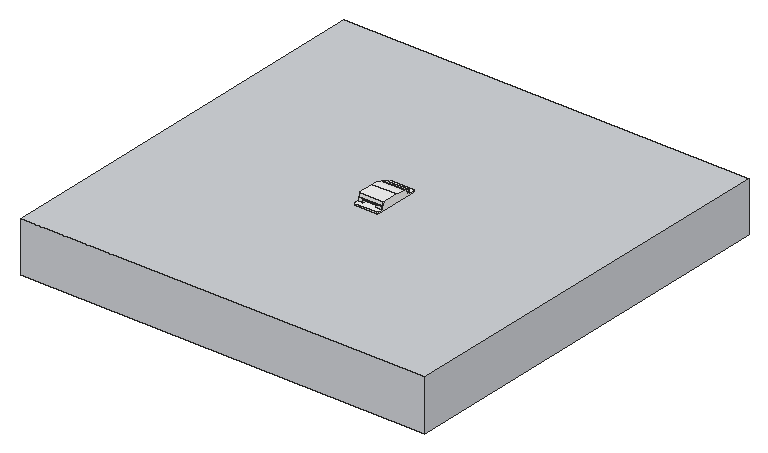
Revit family "Legrand_Lighting_Management_KNX_Actuator", category Dispositifs d'éclairage, Revit 2020
Family settings
  Hôte = Face
  Conserver l'orientation des annotations = Non
  Cote de connecteur circulaire = Utiliser le diamètre
  Type d'élément = Normal
  Couper avec des vides une fois chargée = Non
  Partagée = Non
  Point de calcul de pièce = Non
Parameters (values of type "DALI 4 outputs")
  Voltage type = ""
  Variation 10-10V 4 sorties = no
  URL = "http://www.legrandoc.com/048888"
  Temperature (MIN) (°C) = 0
  Temperature (MAX) (°C) = 0
  Suitable for wireless transmission = no
  Substation input = no
  Response value sensitivity adjustable = no
  Response value luminosity adjustable = no
  Response value luminosity (MIN) (lx) = 0
  Response value luminosity (MAX) (lx) = 0
  Remote operation = no
  RAL-number (akin) = 0
  Nominal voltage (V) = 0
  Mounting method = "Other"
  Modèle = "048888"
  Model = ""
  Min. switch-on time (s) = 0
  Maximum mounting height (m) = 0
  Max. transmission range sideways (m) = 0
  Max. transmission range frontally (m) = 0
  Max. switching power (W) = 0
  Max. starting current (A) = 0
  Max. duty cycle (mn) = 0
  Liaison neutre = no
  HVAC-control = no
  General Conditions of Use = "https://export.legrand.com/en/terms-of-use-BIM-objects"
  Frequency (MIN) (Hz) = 0
  Frequency (MAX) (Hz) = 0
  Forced switch off = no
  Fabricant = "Legrand"
  Default Elevation = 1219.2 mm
  Dim function with dimmer basic element = no
  Diameter detection range on floor (m) = 0
  Detection angle horizontal (MIN) (°) = 0
  Detection angle horizontal (MAX) (°) = 0
  Description = "KNX FALSE CEILING CONTROLLER 4 OUTPUTS DALI"
  Degree of protection (IP) = "IP20"
  DALI 4 sorties = yes
  Cosses d'artère secondaire = no
  Constant light control = no
  Colour = none
  Collecteur de terre = no
  Alarm function = no
Types (3, lengths in mm): name | Variation 10-10V 4 sorties | URL | Modèle | Description | DALI 4 sorties
  (no name) | no | "http://www.legrandoc.com/048888" | "048888" | "KNX FALSE CEILING CONTROLLER 4 OUTPUTS DALI" | yes
  Dimming 1-10V 4 outputs | yes | "http://www.legrandoc.com/048887" | "048887" | "KNX FALSE CEILING CONTROLLER 4 OUTPUTS 1-10V" | no
  DALI 4 outputs | no | "http://www.legrandoc.com/048888" | "048888" | "KNX FALSE CEILING CONTROLLER 4 OUTPUTS DALI" | yes
Reference planes
  plane 1 "Centre (avant/arrière)": y = 0
  plane 2: z = 0
  plane 3 "Centre (gauche/droite)": x = 0
Forms (mm)
  Extrusion 1, solid
    sketch origin (0, 0, 0) x (1, 0, 0) y (0, 1, 0)
      loop
        line (-1219.2, 1219.2) -> (-1219.2, -1219.2) -> (1219.2, -1219.2) -> (1219.2, 1219.2) -> (-1219.2, 1219.2)
    from 0 to -304.8
Dimensions and locks
  aligned and locked: plane 2 to Extrusion 1
  aligned and locked: level to Extrusion 1
Nested families
  nested 1: "Legrand-Gestion_éclairage-Actionneur-KNX" at (0, 0, 0), type "DALI 4 sorties"
Connectors
  electrical at (0, 0, 0)
    settings: index 1, voltage 230 V, apparent load 0 VA, apparent load phase1 0 VA, apparent load phase2 0 VA, apparent load phase3 0 VA, power factor 1, load classification "Eclairage", number of poles 1, system type 30, power factor state 1, is connector primary yes, connector utility no, sub classification motor no, connector description ""
Definition of nested family "Legrand-Gestion_éclairage-Actionneur-KNX"
  Parameters (values of type "Variation 1-10V 4 sorties")
    Variation 1-10V 4 sorties = yes
    built-in parameter 1140140 [instance] = 1 (stored number, unit not read)
    Default Elevation = 1219.2 mm
    DALI 4 sorties = no
    built-in parameter 1140142 [instance] = -1
    built-in parameter 1155100 [instance] = -1
  Types (3, lengths in mm): name | Variation 1-10V 4 sorties | DALI 4 sorties
    (no name) | yes | no
    DALI 4 sorties | no | yes
    Variation 1-10V 4 sorties | yes | no
  Reference planes
    plane 1 "Centre (avant/arrière)": y = 0
    plane 2: z = 0
    plane 3 "Centre (gauche/droite)": x = 0
  Forms (mm)
    Extrusion 1, solid
      sketch origin (0, 0, 0) x (1, 0, 0) y (0, 1, 0)
        loop
          line (-1219.2, 1219.2) -> (-1219.2, -1219.2) -> (1219.2, -1219.2) -> (1219.2, 1219.2) -> (-1219.2, 1219.2)
      from 0 to -304.8
  Dimensions and locks
    aligned and locked: plane 2 to Extrusion 1
    aligned and locked: level to Extrusion 1
  Nested families
    nested 1: "Modelisation 41" at (0, 0, 0), type "Modelisation 41"
  Definition of nested family "Modelisation 41"
    Parameters (values of type "Modelisation 41 - 048887")
      Profondeur totale = 82 mm
      Longueur capot = 65 mm
      Largeur capot = 52 mm
      built-in parameter 1140140 [instance] = 1 (stored number, unit not read)
      Default Elevation = 0 mm
      Diamètre capot = 102 mm
      Ray Capot = Diamètre capot / 2  # 51 mm
      built-in parameter 1140142 [instance] = -1
      Commande 048888 = no
      Commande 048887 = yes
      built-in parameter 1155100 [instance] = -1
    Types (3, lengths in mm): name | Commande 048888 | Commande 048887
      (no name) | no | yes
      Modelisation 41 - 048888 | yes | no
      Modelisation 41 - 048887 | no | yes
    Reference planes
      plane 1 "Centre (avant/arrière)": y = 0
      plane 2: z = 0
      plane 3 "Centre (gauche/droite)": x = 0
      plane 4: z = 50
      plane 5: y = 137.5
      plane 6: y = -137.5
      plane 7: y = 120
      plane 8: y = -120
      plane 9: x = 73.5
      plane 10: x = -73.5
      plane 11: x = 25
      plane 12: x = -25
      plane 13: y = 106.929
      plane 14: z = 3.5
      plane 15: z = 10.5
      plane 16: y = -106.929
      plane 17: z = 23.296
    Forms (mm)
      Extrusion 1, solid
        sketch origin (0, 0, 0) x (1, 0, 0) y (0, 1, 0)
          loop
            line (-73.5, 0) -> (-73.5, -123.239)
            arc (-73.5, -123.239) -> (-72.403, -129.085) -> (-70.498, -134.719) r 42.362
            arc (-70.498, -134.719) -> (-68.889, -136.64) -> (-66.535, -137.5) r 4.842
            line (-66.535, -137.5) -> (66.535, -137.5)
            arc (66.535, -137.5) -> (68.889, -136.64) -> (70.498, -134.719) r 4.842
            arc (70.498, -134.719) -> (72.403, -129.085) -> (73.5, -123.239) r 42.362
            line (73.5, -123.239) -> (73.5, 0) -> (73.5, 123.239)
            arc (73.5, 123.239) -> (72.403, 129.085) -> (70.498, 134.719) r 42.362
            arc (70.498, 134.719) -> (68.889, 136.64) -> (66.535, 137.5) r 4.842
            line (66.535, 137.5) -> (-66.535, 137.5)
            arc (-66.535, 137.5) -> (-68.889, 136.64) -> (-70.498, 134.719) r 4.842
            arc (-70.498, 134.719) -> (-72.403, 129.085) -> (-73.5, 123.239) r 42.362
            line (-73.5, 123.239) -> (-73.5, 0)
        from 3.5 to 10.5
      Extrusion 2, solid
        sketch origin (0, 0, 0) x (0, 1, 0) y (0, 0, 1)
          loop
            line (105.429, 10.5) -> (105.429, 12.012)
            arc (105.429, 12.012) -> (84.808, 18.644) -> (71.919, 36.053) r 35.376
            line (71.919, 36.053) -> (71.919, 39.053)
            arc (71.919, 39.053) -> (36.373, 47.248) -> (0, 50) r 241.719
            line (0, 50) -> (-97.429, 50) -> (-97.429, 29) -> (-105.429, 29) -> (-105.429, 10.5) -> (105.429, 10.5)
        from -73.5 to 73.5
      Extrusion 3, solid
        sketch origin (0, 15.669, -1.514) x (0, 1, 0) y (0, 0, 1)
          loop
            arc (88.261, 27.531) -> (72.479, 34.369) -> (56.25, 40.068) r 241.719
            line (56.25, 40.068) -> (56.25, 37.568)
            arc (56.25, 37.568) -> (68.535, 20.602) -> (88.261, 13.558) r 35.376
            line (88.261, 13.558) -> (88.261, 27.531)
        from -72 to 72
      Extrusion 4, void
        sketch origin (0, 0, 0) x (1, 0, 0) y (0, 1, 0)
          loop
            arc (-72, 89.161) -> (-67.525, 99.618) -> (-57, 103.929) r 15.002
            line (-57, 103.929) -> (-57, 105.429) -> (-73.5, 105.429) -> (-73.5, 89.161) -> (-72, 89.161)
          loop
            line (72, 89.161) -> (73.5, 89.161) -> (73.5, 105.429) -> (57, 105.429) -> (57, 103.929)
            arc (57, 103.929) -> (67.525, 99.618) -> (72, 89.161) r 15.002
        from 10.5 to 36.053
      Extrusion 5, void
        sketch origin (0, 0, 0) x (1, 0, 0) y (0, 1, 0)
          loop
            line (-62.869, 106.929) -> (-74.691, 106.929) -> (-74.691, 94.753) -> (-73.5, 94.753)
            arc (-73.5, 94.753) -> (-70.281, 102.178) -> (-62.869, 105.429) r 11.072
            line (-62.869, 105.429) -> (-62.869, 106.929)
        from 10.5 to 20
      Extrusion 6, void
        sketch origin (0, 0, 0) x (-1, 0, 0) y (0, -1, 0)
          loop
            line (-62.869, -106.929) -> (-62.869, -105.429)
            arc (-62.869, -105.429) -> (-70.281, -102.178) -> (-73.5, -94.753) r 11.072
            line (-73.5, -94.753) -> (-74.691, -94.753) -> (-74.691, -106.929) -> (-62.869, -106.929)
        from 10.5 to 20
      Extrusion 7, void
        sketch origin (0, 1.5, 0) x (1, 0, 0) y (0, 1, 0)
          loop
            line (-69.53, -98.929) -> (-70.5, -98.929)
            arc (-70.5, -98.929) -> (-72.621, -98.051) -> (-73.5, -95.929) r 3
            line (-73.5, -95.929) -> (-74.53, -95.929) -> (-74.53, -99.953) -> (-69.53, -99.953) -> (-69.53, -98.929)
        from 29 to 50
      Extrusion 8, void
        sketch origin (0, 0, 0) x (1, 0, 0) y (0, 1, 0)
          loop
            arc (73.5, -102.429) -> (72.621, -104.551) -> (70.5, -105.429) r 3
            line (70.5, -105.429) -> (70.5, -106.929) -> (74.801, -106.929) -> (74.801, -102.429) -> (73.5, -102.429)
        from 10.5 to 29
      Extrusion 9, void
        sketch origin (0, 0, 0) x (-1, 0, 0) y (0, -1, 0)
          loop
            line (73.5, 102.429) -> (74.801, 102.429) -> (74.801, 106.929) -> (70.5, 106.929) -> (70.5, 105.429)
            arc (70.5, 105.429) -> (72.621, 104.551) -> (73.5, 102.429) r 3
        from 10.5 to 29
      Extrusion 10, void
        sketch origin (0, 0, 0) x (1, 0, 0) y (0, 0, 1)
          loop
            line (-56, 12.044) -> (56.004, 12.044) -> (56.004, 18.74)
            arc (56.004, 18.74) -> (54.968, 21.24) -> (52.468, 22.276) r 3.536
            line (52.468, 22.276) -> (-52.464, 22.276)
            arc (-52.464, 22.276) -> (-54.964, 21.24) -> (-56, 18.74) r 3.536
            line (-56, 18.74) -> (-56, 12.044)
        from -109.5 to -66.528
      Extrusion 11, void
        sketch origin (0, 0, 0) x (1, 0, 0) y (0, 0, 1)
          loop
            line (-43.5, 25.296) -> (-43.5, 10.5) -> (31, 10.5) -> (31, 25.296) -> (-43.5, 25.296)
        from -71.919 to 106.929
      Extrusion 12, void
        sketch origin (0, 1.5, 0) x (-1, 0, 0) y (0, -1, 0)
          loop
            line (-69.53, 98.929) -> (-69.53, 99.953) -> (-74.53, 99.953) -> (-74.53, 95.929) -> (-73.5, 95.929)
            arc (-73.5, 95.929) -> (-72.621, 98.051) -> (-70.5, 98.929) r 3
            line (-70.5, 98.929) -> (-69.53, 98.929)
        from 29 to 50
    Cuts and joins
      Extrusion 5, Extrusion 6, Extrusion 7, Extrusion 8, Extrusion 9, Extrusion 11, Extrusion 12 cuts Extrusion 1
      Extrusion 5, Extrusion 6, Extrusion 7, Extrusion 8, Extrusion 9, Extrusion 11, Extrusion 12 cuts Extrusion 2
      joined: Extrusion 1, Extrusion 2
      Extrusion 4, Extrusion 5, Extrusion 10 cuts Extrusion 3
    Lines and regions (mm)
      model lines, not visible
        curve 1: line (86, 0, 0) -> (0, 0, 0)
        curve 2: line (0, 0, 0) -> (0, -52.187, 0)
        curve 3: arc (86, 0, 0) -> (84.972, -12.666, 0) -> (79.53, -24.148, 0) r 35.33
        curve 4: arc (79.53, -24.148, 0) -> (72.004, -39.03, 0) -> (69.387, -55.499, 0) r 53.916
        curve 5: line (56, -61, 0) -> (61, -60.563, 0)
        curve 6: line (61, -60.563, 0) -> (61, -59.687, 0)
        curve 7: arc (61, -59.687, 0) -> (65.726, -58.66, 0) -> (69.387, -55.499, 0) r 9.813
        curve 8: arc (0, -52.187, 0) -> (22.855, -55.983, 0) -> (46, -57.022, 0) r 193.641
        curve 9: arc (46, -57.022, 0) -> (51.397, -58.014, 0) -> (56, -61, 0) r 14.03
        curve 10: arc (0, -51, -35) -> (0, -46.894, -36.173) -> (0, -43.086, -38.106) r 22.313
        curve 11: line (0, -26, -43.1) -> (0, -21, -43.1)
        curve 12: arc (0, -43.086, -38.106) -> (0, -34.806, -42.622) -> (0, -26, -46) r 71.004
        curve 13: line (0, -26, -46) -> (0, -21, -46)
        curve 14: line (0, -21, -46) -> (0, -18.947, -48.932)
        curve 15: line (0, -18.947, -48.932) -> (0, -12.425, -52)
        curve 16: line (0, -12.425, -52) -> (0, 0, -52)
        curve 17: line (-35.5, 0, 0) -> (-35.5, 91.261, 0)
        curve 18: line (-31.215, 115.5, 0) -> (31.215, 115.5, 0)
        curve 19: line (35.5, 91.261, 0) -> (35.5, 0, 0)
        curve 20: arc (-35.5, 91.261, 0) -> (-34.744, 93.571, 0) -> (-32.498, 94.5, 0) r 2.907
        curve 21: line (-32.498, 94.5, 0) -> (-32.498, 105, 0)
        curve 22: arc (-35.5, 108.239, 0) -> (-34.744, 105.929, 0) -> (-32.498, 105, 0) r 2.907
        curve 23: arc (-35.5, 108.239, 0) -> (-34.746, 111.454, 0) -> (-33.278, 114.413, 0) r 14.377
        curve 24: arc (-33.483, 114.087, 0) -> (-32.538, 115.098, 0) -> (-31.215, 115.5, 0) r 2.672
        curve 25: arc (35.5, 91.261, 0) -> (34.744, 93.571, 0) -> (32.498, 94.5, 0) r 2.907
        curve 26: line (32.498, 94.5, 0) -> (32.498, 105, 0)
        curve 27: arc (35.5, 108.239, 0) -> (34.744, 105.929, 0) -> (32.498, 105, 0) r 2.907
        curve 28: arc (35.5, 108.239, 0) -> (34.746, 111.454, 0) -> (33.278, 114.413, 0) r 14.377
        curve 29: arc (33.483, 114.087, 0) -> (32.538, 115.098, 0) -> (31.215, 115.5, 0) r 2.672
        curve 30: line (-35.5, 0, 0) -> (-35.5, -91.261, 0)
        curve 31: line (-31.215, -115.5, 0) -> (31.215, -115.5, 0)
        curve 32: line (35.5, -91.261, 0) -> (35.5, 0, 0)
        curve 33: arc (-35.5, -91.261, 0) -> (-34.744, -93.571, 0) -> (-32.498, -94.5, 0) r 2.907
        curve 34: line (-32.498, -94.5, 0) -> (-32.498, -105, 0)
        curve 35: arc (-35.5, -108.239, 0) -> (-34.744, -105.929, 0) -> (-32.498, -105, 0) r 2.907
        curve 36: arc (-35.5, -108.239, 0) -> (-34.746, -111.454, 0) -> (-33.278, -114.413, 0) r 14.377
        curve 37: arc (-33.483, -114.087, 0) -> (-32.538, -115.098, 0) -> (-31.215, -115.5, 0) r 2.672
        curve 38: arc (35.5, -91.261, 0) -> (34.744, -93.571, 0) -> (32.498, -94.5, 0) r 2.907
        curve 39: line (32.498, -94.5, 0) -> (32.498, -105, 0)
        curve 40: arc (35.5, -108.239, 0) -> (34.744, -105.929, 0) -> (32.498, -105, 0) r 2.907
        curve 41: arc (35.5, -108.239, 0) -> (34.746, -111.454, 0) -> (33.278, -114.413, 0) r 14.377
        curve 42: arc (33.483, -114.087, 0) -> (32.538, -115.098, 0) -> (31.215, -115.5, 0) r 2.672
        curve 43: arc (0, 0, 44) -> (0, 29.131, 42.614) -> (0, 57.75, 37) r 199.673
        curve 44: line (0, 94.502, 7) -> (0, 94.502, 10)
        curve 45: line (0, 57.75, 37) -> (0, 57.75, 34)
        curve 46: arc (0, 57.75, 34) -> (0, 72.329, 16.185) -> (0, 94.502, 10) r 38.151
        curve 47: arc (0, 0, 44) -> (0, -29.131, 42.614) -> (0, -57.75, 37) r 199.673
        curve 48: line (0, -94.502, 7) -> (0, -94.502, 10)
        curve 49: line (0, -57.75, 37) -> (0, -57.75, 34)
        curve 50: arc (0, -57.75, 34) -> (0, -72.329, 16.185) -> (0, -94.502, 10) r 38.151
        curve 51: line (0, 94.502, 7) -> (0, -94.502, 7)
      model lines, visible <- "Commande 048887", not visible
        curve 52: line (-58.5, -27.5, 0) -> (-58.5, -93.429, 0)
        curve 53: line (-58.5, -93.429, 0) -> (31, -93.429, 0)
        curve 54: line (31, -93.429, 0) -> (31, -77.429, 0)
        curve 55: line (31, -77.429, 0) -> (58.5, -77.429, 0)
        curve 56: line (58.5, -77.429, 0) -> (58.5, -27.5, 0)
        curve 57: line (58.5, -27.5, 0) -> (-58.5, -27.5, 0)
        curve 58: circle (-30, -58.889, 0) r 5 normal (0, 0, 1)
        curve 59: circle (-30, -71.389, 0) r 5 normal (0, 0, 1)
        curve 60: circle (-17.5, -58.889, 0) r 5 normal (0, 0, 1)
        curve 61: circle (-17.5, -71.389, 0) r 5 normal (0, 0, 1)
        curve 62: circle (-5, -58.889, 0) r 5 normal (0, 0, 1)
        curve 63: circle (-5, -71.389, 0) r 5 normal (0, 0, 1)
        curve 64: circle (7.5, -58.889, 0) r 5 normal (0, 0, 1)
        curve 65: circle (7.5, -71.389, 0) r 5 normal (0, 0, 1)
        curve 66: circle (-17.5, -58.889, 0) r 5 normal (0, 0, 1)
        curve 67: circle (-17.5, -71.389, 0) r 5 normal (0, 0, 1)
        curve 68: circle (-5, -58.889, 0) r 5 normal (0, 0, 1)
        curve 69: circle (-5, -71.389, 0) r 5 normal (0, 0, 1)
        curve 70: circle (7.5, -58.889, 0) r 5 normal (0, 0, 1)
        curve 71: circle (7.5, -71.389, 0) r 5 normal (0, 0, 1)
        curve 72: circle (-23.75, -65.139, 0) r 1.5 normal (0, 0, 1)
        curve 73: circle (-11.25, -65.139, 0) r 1.5 normal (0, 0, 1)
        curve 74: circle (1.25, -65.139, 0) r 1.5 normal (0, 0, 1)
        curve 75: circle (-36.25, -65.139, 0) r 1.5 normal (0, 0, 1)
        curve 76: circle (32.88, -65.139, 0) r 1.5 normal (0, 0, 1)
        curve 77: circle (32.88, -58.889, 0) r 1.5 normal (0, 0, 1)
      model lines, visible <- "Commande 048887"
        curve 78: line (-58.5, -27.5, 50) -> (-58.5, -93.429, 50)
        curve 79: line (-58.5, -93.429, 50) -> (31, -93.429, 50)
        curve 80: line (31, -93.429, 50) -> (31, -77.429, 50)
        curve 81: line (31, -77.429, 50) -> (58.5, -77.429, 50)
        curve 82: line (58.5, -77.429, 50) -> (58.5, -27.5, 50)
        curve 83: line (58.5, -27.5, 50) -> (-58.5, -27.5, 50)
        curve 84: circle (-30, -58.889, 50) r 5 normal (0, 0, 1)
        curve 85: circle (-30, -71.389, 50) r 5 normal (0, 0, 1)
        curve 86: circle (-17.5, -58.889, 50) r 5 normal (0, 0, 1)
        curve 87: circle (-17.5, -71.389, 50) r 5 normal (0, 0, 1)
        curve 88: circle (-5, -58.889, 50) r 5 normal (0, 0, 1)
        curve 89: circle (-5, -71.389, 50) r 5 normal (0, 0, 1)
        curve 90: circle (7.5, -58.889, 50) r 5 normal (0, 0, 1)
        curve 91: circle (7.5, -71.389, 50) r 5 normal (0, 0, 1)
        curve 92: circle (-17.5, -58.889, 50) r 5 normal (0, 0, 1)
        curve 93: circle (-17.5, -71.389, 50) r 5 normal (0, 0, 1)
        curve 94: circle (-5, -58.889, 50) r 5 normal (0, 0, 1)
        curve 95: circle (-5, -71.389, 50) r 5 normal (0, 0, 1)
        curve 96: circle (7.5, -58.889, 50) r 5 normal (0, 0, 1)
        curve 97: circle (7.5, -71.389, 50) r 5 normal (0, 0, 1)
        curve 98: circle (-23.75, -65.139, 50) r 1.5 normal (0, 0, 1)
        curve 99: circle (-11.25, -65.139, 50) r 1.5 normal (0, 0, 1)
        curve 100: circle (1.25, -65.139, 50) r 1.5 normal (0, 0, 1)
        curve 101: circle (-36.25, -65.139, 50) r 1.5 normal (0, 0, 1)
        curve 102: circle (32.88, -65.139, 50) r 1.5 normal (0, 0, 1)
        curve 103: circle (32.88, -58.889, 50) r 1.5 normal (0, 0, 1)
      model lines, visible <- "Commande 048888"
        curve 104: line (-58.5, -27.5, 50) -> (-58.5, -93.429, 50)
        curve 105: line (-58.5, -93.429, 50) -> (31, -93.429, 50)
        curve 106: line (31, -93.429, 50) -> (31, -77.429, 50)
        curve 107: line (31, -77.429, 50) -> (58.5, -77.429, 50)
        curve 108: line (58.5, -77.429, 50) -> (58.5, -27.5, 50)
        curve 109: line (58.5, -27.5, 50) -> (-58.5, -27.5, 50)
        curve 110: circle (-30, -58.889, 50) r 5 normal (0, 0, 1)
        curve 111: circle (-30, -71.389, 50) r 5 normal (0, 0, 1)
        curve 112: circle (-17.5, -58.889, 50) r 5 normal (0, 0, 1)
        curve 113: circle (-17.5, -71.389, 50) r 5 normal (0, 0, 1)
        curve 114: circle (-5, -58.889, 50) r 5 normal (0, 0, 1)
        curve 115: circle (-5, -71.389, 50) r 5 normal (0, 0, 1)
        curve 116: circle (7.5, -58.889, 50) r 5 normal (0, 0, 1)
        curve 117: circle (7.5, -71.389, 50) r 5 normal (0, 0, 1)
        curve 118: circle (-17.5, -58.889, 50) r 5 normal (0, 0, 1)
        curve 119: circle (-17.5, -71.389, 50) r 5 normal (0, 0, 1)
        curve 120: circle (-5, -58.889, 50) r 5 normal (0, 0, 1)
        curve 121: circle (-5, -71.389, 50) r 5 normal (0, 0, 1)
        curve 122: circle (7.5, -58.889, 50) r 5 normal (0, 0, 1)
        curve 123: circle (7.5, -71.389, 50) r 5 normal (0, 0, 1)
        curve 124: circle (20, -71.389, 50) r 5 normal (0, 0, 1)
        curve 125: circle (-23.75, -65.139, 50) r 1.5 normal (0, 0, 1)
        curve 126: circle (-11.25, -65.139, 50) r 1.5 normal (0, 0, 1)
        curve 127: circle (1.25, -65.139, 50) r 1.5 normal (0, 0, 1)
        curve 128: circle (-36.25, -65.139, 50) r 1.5 normal (0, 0, 1)
        curve 129: arc (24.898, -67.924, 50) -> (14, -71.389, 50) -> (24.898, -74.855, 50) r 6
        curve 130: arc (33, -69.389, 50) -> (35, -71.389, 50) -> (33, -73.389, 50) r 2
        curve 131: arc (24.898, -67.924, 50) -> (28.883, -69.02, 50) -> (33, -69.389, 50) r 23.125
        curve 132: arc (24.898, -74.855, 50) -> (28.883, -73.759, 50) -> (33, -73.389, 50) r 23.125
        curve 133: circle (32.864, -71.389, 50) r 1.5 normal (0, 0, 1)
        curve 134: circle (32.88, -65.139, 50) r 1.5 normal (0, 0, 1)
        curve 135: circle (32.88, -58.889, 50) r 1.5 normal (0, 0, 1)
      model lines, visible <- "Commande 048888", not visible
        curve 136: line (-58.5, -27.5, 0) -> (-58.5, -93.429, 0)
        curve 137: line (-58.5, -93.429, 0) -> (31, -93.429, 0)
        curve 138: line (31, -93.429, 0) -> (31, -77.429, 0)
        curve 139: line (31, -77.429, 0) -> (58.5, -77.429, 0)
        curve 140: line (58.5, -77.429, 0) -> (58.5, -27.5, 0)
        curve 141: line (58.5, -27.5, 0) -> (-58.5, -27.5, 0)
        curve 142: circle (-30, -58.889, 0) r 5 normal (0, 0, 1)
        curve 143: circle (-30, -71.389, 0) r 5 normal (0, 0, 1)
        curve 144: circle (-17.5, -58.889, 0) r 5 normal (0, 0, 1)
        curve 145: circle (-17.5, -71.389, 0) r 5 normal (0, 0, 1)
        curve 146: circle (-5, -58.889, 0) r 5 normal (0, 0, 1)
        curve 147: circle (-5, -71.389, 0) r 5 normal (0, 0, 1)
        curve 148: circle (7.5, -58.889, 0) r 5 normal (0, 0, 1)
        curve 149: circle (7.5, -71.389, 0) r 5 normal (0, 0, 1)
        curve 150: circle (-17.5, -58.889, 0) r 5 normal (0, 0, 1)
        curve 151: circle (-17.5, -71.389, 0) r 5 normal (0, 0, 1)
        curve 152: circle (-5, -58.889, 0) r 5 normal (0, 0, 1)
        curve 153: circle (-5, -71.389, 0) r 5 normal (0, 0, 1)
        curve 154: circle (7.5, -58.889, 0) r 5 normal (0, 0, 1)
        curve 155: circle (7.5, -71.389, 0) r 5 normal (0, 0, 1)
        curve 156: circle (20, -71.389, 0) r 5 normal (0, 0, 1)
        curve 157: circle (-23.75, -65.139, 0) r 1.5 normal (0, 0, 1)
        curve 158: circle (-11.25, -65.139, 0) r 1.5 normal (0, 0, 1)
        curve 159: circle (1.25, -65.139, 0) r 1.5 normal (0, 0, 1)
        curve 160: circle (-36.25, -65.139, 0) r 1.5 normal (0, 0, 1)
        curve 161: arc (24.898, -67.924, 0) -> (14, -71.389, 0) -> (24.898, -74.855, 0) r 6
        curve 162: arc (33, -69.389, 0) -> (35, -71.389, 0) -> (33, -73.389, 0) r 2
        curve 163: arc (24.898, -67.924, 0) -> (28.883, -69.02, 0) -> (33, -69.389, 0) r 23.125
        curve 164: arc (24.898, -74.855, 0) -> (28.883, -73.759, 0) -> (33, -73.389, 0) r 23.125
        curve 165: circle (32.864, -71.389, 0) r 1.5 normal (0, 0, 1)
        curve 166: circle (32.88, -65.139, 0) r 1.5 normal (0, 0, 1)
        curve 167: circle (32.88, -58.889, 0) r 1.5 normal (0, 0, 1)
    Dimensions and locks
      plane 4 to plane 2 = 50 mm
      plane 7 to plane 8 = 240 mm
      plane 5 to plane 6 = 275 mm
      plane 10 to plane 9 = 147 mm
      plane 12 to plane 11 = 50 mm
      plane 13 to plane 5 = 30.571 mm
      plane 16 to plane 6 = 30.571 mm  (x2)
      plane 5 to plane 13 = 30.571 mm
      aligned and locked: level to plane 2
      aligned and locked: Extrusion 11 to Extrusion 2
